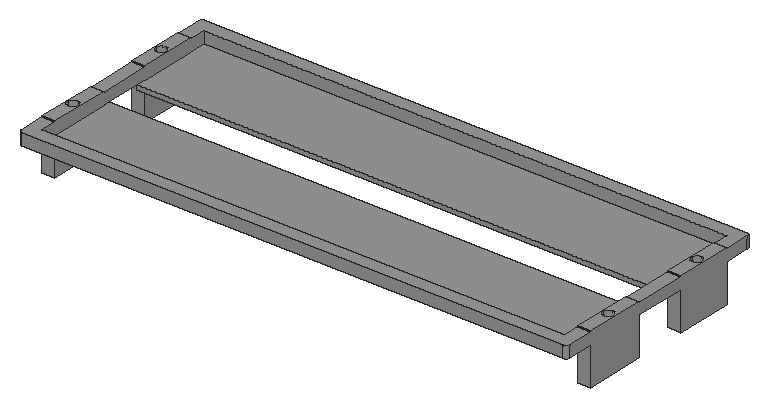
Revit family "Building-ContenitoriParete-GEWISS-46-PANNELLI_PER_MSS_MTX", category Attrezzatura elettrica, Revit 2016
Family settings
  Configurazione quadro = Due colonne, circuiti in orizzontale
  Tipo di parte = Pannello comandi
  Quota connettore circolare = Usa diametro
  Numero OmniClass = 23.80.30.11.17
  Titolo OmniClass = Distribution Boards and Control Panels
  Basato su piano di lavoro = Sì
  Sempre verticale = No
  Taglio con vuoti quando caricato = No
  Condiviso = No
  Punto di calcolo locali = Sì
Parameters (values of type "GW46573F - KIT PER MTX160c-160-250+BD/MSS160 7GR")
  Versione file RFA = "18.0"
  URL = "https://www.gewiss.com/it/it"
  Tipo sezionatore MSS = "MSS 160"
  Tipo scatolato MTX = "MTX 160c - MTX 160 - MTX 250"
  Scheda Tecnica = "https://www.gewiss.com/it/it/search?q=GW46573F"
  SEO = "Kit scatolati"
  Default Elevation = 1219.2 mm
  Produttore = "GEWISS S.p.A."
  Posizione del differenziale = "a \"L\""
  Per quadri base (mm) = "800"
  Pannello = GEWISS - GRIGIO RAL 7035
  Offset pannello [instance] = 100 mm
  Modello = "GW46573F"
  Mains Type = ""
  Lunghezza pannello = 718 mm
  Spessore pannello = 15 mm  # constant formula
  Immagine tipo = GW10016174.jpg
  IFC.TypeObject = ""
  IFC.ExportType = ""
  IFC.ExportAs = ""
  IDT = "acce35f6-ac00-4ae3-99d6-2321acd460a7"
  IDF = "bb269f62-5bcb-4c80-a0b0-a9478541477d"
  H_pannello = 300 mm  # constant formula
  H_da terra [instance] = 140.83 mm
  GEWISS SCHEDA TECNICA = "http://pro.gewiss.com/irj/portal/?NavigationTarget=pcd:portal_content/com.gewiss.ZPPFDMain/com.gewiss.ZPPFDITMain/com.gewiss.ZPPFDITMainDefault/com.gewiss.ZPPFDITPages/com.gewiss.ZPPFDITPagesAP/com.gewiss.ZPPFDITPagesAPCatalogo/com.gewiss.ZPPPDITAPProductDetail&codProd=GW46573F"
  Fissaggio apparecchiature = "piastra con guida DIN EN 50022"
  Dotazioni = "Accessori di fissaggio"
  Descrizione = "KIT PER MTX160c-160-250+BD/MSS160 7GR"
  Creato da GEWISS S.p.A. = ""
  Colore = "Grigio RAL 7035"
  Codice Electrocod = "0303"
  Codice EAN = "8011564284388"
  Catalogo Serie = "46 QP"
  Catalogo = "BUILDING"
  COBie.Tagnumber = ""
  COBie.CreatedOn = ""
  COBie.CreatebBy = ""
  COBie.ComponentRegisterItemID = ""
  COBie.Component.TagNumber = ""
  COBie.Component.Space = ""
  COBie.Component.SerialNumber = ""
  COBie.Component.InstallationDate = ""
  COBie.Component.Description = ""
  COBie.Component.BarCode = ""
  Altezza = "2 Moduli"
  Adatto per: = "46QP - 46QM - 46QX"
Types (4, lengths in mm): name | Scheda Tecnica | Per quadri base (mm) | Offset pannello | Modello | Lunghezza pannello | IDT | GEWISS SCHEDA TECNICA | Descrizione | Codice EAN
  GW46570F - KIT PER MTX160c-160-250+BD/MSS160 3,4GR | "https://www.gewiss.com/it/it/search?q=GW46570F" | "405" | 379.83 | "GW46570F" | 358 | "b43b9192-97b5-4c0d-b495-64559def1b16" | "http://pro.gewiss.com/irj/portal/?NavigationTarget=pcd:portal_content/com.gewiss.ZPPFDMain/com.gewiss.ZPPFDITMain/com.gewiss.ZPPFDITMainDefault/com.gewiss.ZPPFDITPages/com.gewiss.ZPPFDITPagesAP/com.gewiss.ZPPFDITPagesAPCatalogo/com.gewiss.ZPPPDITAPProductDetail&codProd=GW46570F" | "KIT PER MTX160c-160-250+BD/MSS160 3,4GR" | "8011564284357"
  GW46571F - KIT PER MTX160c-160-250+BD/MSS160 5GR | "https://www.gewiss.com/it/it/search?q=GW46571F" | "515" | 379.83 | "GW46571F" | 466 | "a10e6511-1a4b-4662-bff5-c9b6eef7b632" | "http://pro.gewiss.com/irj/portal/?NavigationTarget=pcd:portal_content/com.gewiss.ZPPFDMain/com.gewiss.ZPPFDITMain/com.gewiss.ZPPFDITMainDefault/com.gewiss.ZPPFDITPages/com.gewiss.ZPPFDITPagesAP/com.gewiss.ZPPFDITPagesAPCatalogo/com.gewiss.ZPPPDITAPProductDetail&codProd=GW46571F" | "KIT PER MTX160c-160-250+BD/MSS160 5GR" | "8011564284364"
  GW46572F - KIT PER MTX160c-160-250+BD/MSS160 6GR | "https://www.gewiss.com/it/it/search?q=GW46572F" | "585" | 379.83 | "GW46572F" | 538 | "e57d2686-24fc-4dc4-a508-923a594941c8" | "http://pro.gewiss.com/irj/portal/?NavigationTarget=pcd:portal_content/com.gewiss.ZPPFDMain/com.gewiss.ZPPFDITMain/com.gewiss.ZPPFDITMainDefault/com.gewiss.ZPPFDITPages/com.gewiss.ZPPFDITPagesAP/com.gewiss.ZPPFDITPagesAPCatalogo/com.gewiss.ZPPPDITAPProductDetail&codProd=GW46572F" | "KIT PER MTX160c-160-250+BD/MSS160 6GR" | "8011564284371"
  GW46573F - KIT PER MTX160c-160-250+BD/MSS160 7GR | "https://www.gewiss.com/it/it/search?q=GW46573F" | "800" | 100 | "GW46573F" | 718 | "acce35f6-ac00-4ae3-99d6-2321acd460a7" | "http://pro.gewiss.com/irj/portal/?NavigationTarget=pcd:portal_content/com.gewiss.ZPPFDMain/com.gewiss.ZPPFDITMain/com.gewiss.ZPPFDITMainDefault/com.gewiss.ZPPFDITPages/com.gewiss.ZPPFDITPagesAP/com.gewiss.ZPPFDITPagesAPCatalogo/com.gewiss.ZPPPDITAPProductDetail&codProd=GW46573F" | "KIT PER MTX160c-160-250+BD/MSS160 7GR" | "8011564284388"
Reference planes
  plane 1 "Centro (Fronte/Retro)": z = 371.33
  plane 2: z = 0
  plane 3 "Centro (Sinistra/Destra)": x = 0
  plane 4: x = -359
  plane 5: x = 359
  plane 6: z = 84
  plane 7: z = 99
  plane 8: y = 184.5
  plane 9: y = -115.5
  plane 10: x = -341.956
  plane 11: y = -98.315
  plane 12: y = 167.315
  plane 13: x = 341.956
  plane 14: y = 57.5
  plane 15: y = 11.5
  plane 16: y = -76.5
  plane 17: y = 2.5
  plane 18: y = 145.5
  plane 19: y = 70.5
  plane 20: z = 100
  plane 21: z = 34
  plane 22: y = -37
  plane 23: y = 108
  plane 24: x = -350.478
  plane 25: x = 350.478
Forms (mm)
  Extrusion 1, solid, material "GEWISS - GRIGIO RAL 7035" <- "Pannello"
    sketch origin (0, 0, 371.33) x (1, 0, 0) y (0, 1, 0)
      loop
        arc (-354, 184.5) -> (-357.536, 183.036) -> (-359, 179.5) r 5
        line (-359, 179.5) -> (-359, -110.5)
        arc (-359, -110.5) -> (-357.536, -114.036) -> (-354, -115.5) r 5
        line (-354, -115.5) -> (354, -115.5)
        arc (354, -115.5) -> (357.536, -114.036) -> (359, -110.5) r 5
        line (359, -110.5) -> (359, 179.5)
        arc (359, 179.5) -> (357.536, 183.036) -> (354, 184.5) r 5
        line (354, 184.5) -> (-354, 184.5)
      loop
        line (-341.956, 167.315) -> (-341.956, -98.315) -> (341.956, -98.315) -> (341.956, 167.315) -> (-341.956, 167.315)
    from -287.33 to -272.33
  Extrusion 2, solid, material "GEWISS - GRIGIO RAL 7035" <- "Pannello"
    sketch origin (0, 0, 371.33) x (1, 0, 0) y (0, 1, 0)
      loop
        line (-341.956, 167.315) -> (-341.956, 57.5) -> (341.956, 57.5) -> (341.956, 167.315) -> (-341.956, 167.315)
      loop
        line (-341.956, 11.5) -> (-341.956, -98.315) -> (341.956, -98.315) -> (341.956, 11.5) -> (-341.956, 11.5)
    from -287.33 to -293.398
  Extrusion 3, solid, material "GEWISS - GRIGIO RAL 7035" <- "Pannello"
    sketch origin (0, 0, 371.33) x (1, 0, 0) y (0, 1, 0)
      loop
        line (-359, 145.5) -> (-359, 70.5) -> (-341.956, 70.5) -> (-341.956, 145.5) -> (-359, 145.5)
      loop
        line (-359, 2.5) -> (-359, -76.5) -> (-341.956, -76.5) -> (-341.956, 2.5) -> (-359, 2.5)
      loop
        line (341.956, 145.5) -> (341.956, 70.5) -> (359, 70.5) -> (359, 145.5) -> (341.956, 145.5)
      loop
        line (341.956, 2.5) -> (341.956, -76.5) -> (359, -76.5) -> (359, 2.5) -> (341.956, 2.5)
    from -337.33 to -271.33
  Extrusion 4, void
    sketch origin (0, 0, 371.33) x (1, 0, 0) y (0, 1, 0)
      loop
        circle (-350.478, -37) r 6.99
      loop
        circle (350.478, -37) r 6.99
      loop
        circle (-350.478, 108) r 6.99
      loop
        circle (350.478, 108) r 6.99
    from -337.33 to -271.33
Cuts and joins
  Extrusion 4 cuts Extrusion 1
  Extrusion 4 cuts Extrusion 3
  joined: Extrusion 1, Extrusion 3
Dimensions and locks
  equal spacing: plane 4, plane 3 "Centro (Sinistra/Destra)", plane 5
  "Lunghezza pannello": plane 4 to plane 5
  locked: plane 10 to plane 4 at 17.044
  locked: plane 5 to plane 13 at 17.044
  equal spacing: plane 10, plane 24, plane 4
  equal spacing: plane 5, plane 25, plane 13
  locked: plane 21 to plane 20 at 66
  "Offset pannello": plane 2 to plane 20
  locked: plane 6 to plane 7 at 15
  locked: plane 21 to plane 6 at 50
  locked: Extrusion 2 to cut or joined group of Extrusion 1, Extrusion 3, Extrusion 4 at 6.068
  aligned and locked: level to plane 2
  aligned and locked: plane 4 to Extrusion 1 sketch curve
  aligned and locked: Extrusion 1 sketch curve to plane 5
  aligned and locked: Extrusion 1 sketch curve to plane 8
  aligned and locked: plane 9 to Extrusion 1 sketch curve
  aligned and locked: Extrusion 1 sketch curve to plane 11
  aligned and locked: Extrusion 1 sketch curve to plane 13
  aligned and locked: Extrusion 1 sketch curve to plane 12
  aligned and locked: plane 10 to Extrusion 1 sketch curve
  aligned and locked: Extrusion 1 to plane 6
  aligned and locked: plane 7 to Extrusion 1
  aligned and locked: Extrusion 2 sketch curve to plane 12
  aligned and locked: plane 10 to Extrusion 2 sketch curve  (x2)
  aligned and locked: Extrusion 2 sketch curve to plane 13  (x2)
  aligned and locked: Extrusion 2 sketch curve to plane 11
  aligned and locked: Extrusion 2 to plane 6
  aligned and locked: Extrusion 2 to plane 15
  aligned and locked: plane 14 to Extrusion 2
  aligned and locked: plane 19 to Extrusion 3 sketch curve  (x2)
  aligned and locked: Extrusion 3 sketch curve to plane 18  (x2)
  aligned and locked: Extrusion 3 sketch curve to plane 17  (x2)
  aligned and locked: plane 16 to Extrusion 3 sketch curve  (x2)
  aligned and locked: plane 4 to Extrusion 3 sketch curve  (x2)
  aligned and locked: Extrusion 3 sketch curve to plane 5  (x2)
  aligned and locked: Extrusion 3 sketch curve to Extrusion 1  (x4)
  aligned and locked: plane 20 to Extrusion 3
  aligned and locked: Extrusion 3 to plane 21
  aligned and locked: cut or joined group of Extrusion 1, Extrusion 3, Extrusion 4 to plane 13
  aligned and locked: cut or joined group of Extrusion 1, Extrusion 3, Extrusion 4 to plane 10
  aligned and locked: plane 23 to Extrusion 4 sketch curve  (x2)
  aligned and locked: plane 24 to Extrusion 4 sketch curve  (x2)
  aligned and locked: plane 22 to Extrusion 4 sketch curve  (x2)
  aligned and locked: plane 25 to Extrusion 4 sketch curve  (x2)
  aligned and locked: Extrusion 3 to Extrusion 4
  aligned and locked: plane 20 to Extrusion 4
Automatic sketch dimensions
  plane 24 to Extrusion 1 sketch curve = 3.522 mm  (x2)
  plane 25 to Extrusion 1 sketch curve = 3.522 mm  (x2)
  Extrusion 2 sketch curve to plane 15 = 0 mm
  Extrusion 2 sketch curve to plane 14 = 0 mm
  radius of Extrusion 4 sketch curve = 6.99 mm  (x4)
